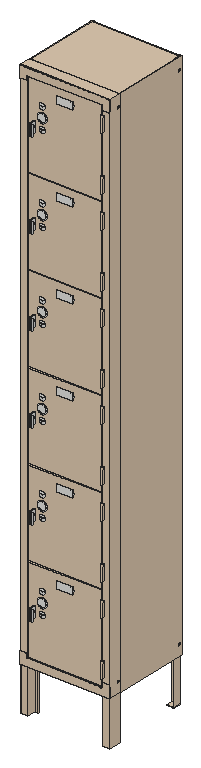
Revit family "Metal_Vented_Lockers-Salsbury_Industries-75000_76000_Series-1_Wide_Units", category Specialty Equipment, Revit 2016 (continued)
Definition of nested family "Metal Locker Zee Base-Right Side"
  Dimensions and locks (in)
    "Height": plane 5 "Top of Enclosure" to plane 4 "Floor"
    equal spacing: plane 8 "Left Edge of Enclosure", plane 1 "Center (Front/Back)", plane 9 "Right Edge of Enclosure"
    "Depth": plane 8 "Left Edge of Enclosure" to plane 9 "Right Edge of Enclosure"
    "Width": plane 11 "Left Edge of Base" to plane 7 "Right Side of Unit"
    equal spacing: plane 11 "Left Edge of Base", plane 3 "Center (Left/Right)", plane 7 "Right Side of Unit"
    locked: plane 4 "Floor" to plane 10 "Bottom Edge of Enclosure" at 0.06
    aligned and locked: level to plane 2
    aligned and locked: plane 6 "Left Edge of Insert" to Extrusion 1
    aligned and locked: Extrusion 2 to plane 9 "Right Edge of Enclosure"
    aligned and locked: Extrusion 2 to plane 10 "Bottom Edge of Enclosure"
    aligned and locked: plane 11 "Left Edge of Base" to Extrusion 2
  Automatic sketch dimensions
    plane 5 "Top of Enclosure" to Extrusion 1 sketch curve = 0.000"
    Extrusion 1 sketch curve to Extrusion 1 sketch curve = 0.060"
    plane 9 "Right Edge of Enclosure" to Extrusion 1 sketch curve = 1.250"
    Extrusion 1 sketch curve to plane 8 "Left Edge of Enclosure" = 1.24133"
    Extrusion 2 sketch curve to plane 7 "Right Side of Unit" = 0.000"
    plane 9 "Right Edge of Enclosure" to Extrusion 2 sketch curve = 0.000"
    plane 6 "Left Edge of Insert" to Extrusion 2 sketch curve = 2.780"  (x2)
    Extrusion 2 sketch curve to Extrusion 2 sketch curve = 0.060"
    plane 7 "Right Side of Unit" to Extrusion 2 sketch curve = 0.060"
    Extrusion 2 sketch curve to plane 8 "Left Edge of Enclosure" = 0.060"
    Extrusion 2 sketch curve to plane 8 "Left Edge of Enclosure" = 0.000"
Definition of nested family "Metal Locker Zee Base-Left Side"
  Parameters (values of type "77572 Left - 12" D")
    Width including Rivet [instance] = 1.290"
    Visible = yes
    Primary Structure Material = none
    Depth = 10.362"
    Version = "1.0 (11/30/15)"
    Type Comments = "Zee Base Kit for Standard Metal Lockers - No Legs"
    Model = "77572"
    MasterFormat Title = ""
    MasterFormat Number = ""
    Manufacturer = "Salsbury Industries"
    Description = "4\" H x 6' L - for 12\" Deep Lockers (Includes 6 Foot Front Base, 2 End Bases, Corner Splicer and 4 Rear Legs)"
    Width = 4.000"
    Height = 4.000"
    Assembly Code = ""
  Types (4): name | Visible | Depth | Type Comments | Model | Description
    77572 Left - 12" D | yes | 10.362" | "Zee Base Kit for Standard Metal Lockers - No Legs" | "77572" | "4\" H x 6' L - for 12\" Deep Lockers (Includes 6 Foot Front Base, 2 End Bases, Corner Splicer and 4 Rear Legs)"
    77575 Left - 15" D | yes | 13.362" | "Zee Base Kit for Standard Metal Lockers - No Legs" | "77575" | "4\" H x 6' L - for 12\" Deep Lockers (Includes 6 Foot Front Base, 2 End Bases, Corner Splicer and 4 Rear Legs)"
    77578 Left- 18" D | yes | 16.362" | "Zee Base Kit for Standard Metal Lockers - No Legs" | "77578" | "4\" H x 6' L - for 12\" Deep Lockers (Includes 6 Foot Front Base, 2 End Bases, Corner Splicer and 4 Rear Legs)"
    None | no | 10.362" | "End Base for Standard Metal Lockers" | "" | ""
  Reference planes (in)
    plane 1 "Center (Front/Back)": y = 0
    plane 2: z = 0
    plane 3 "Center (Left/Right)": x = 3.99
    plane 4 "Floor": z = 0
    plane 5 "Top of Enclosure": z = 4
    plane 6 "Right Side of Unit": x = 5.99
    plane 7 "Left Edge of Enclosure": y = -5.181
    plane 8 "Right Edge of Enclosure": y = 5.181
    plane 9 "Bottom Edge of Enclosure": z = 0.06
    plane 10 "Left Edge of Base": x = 1.99
    plane 11 "Right Edge of Inser": x = 3.21
  Forms (in)
    Extrusion 1, solid, material <- "Primary Structure Material", visible <- "Visible"
      sketch origin (7.98, 0, 0) x (0, -1, 0) y (1, 0, 0)
        loop
          line (-5.181, -1.99) -> (-5.181, -5.99) -> (5.181, -5.99) -> (5.181, -1.99) -> (5.121, -1.99) -> (5.121, -5.93) -> (-5.121, -5.93) -> (-5.121, -1.99) -> (-5.181, -1.99)
      from 0.06 to 4
    Extrusion 2, solid, material <- "Primary Structure Material", visible <- "Visible"
      sketch origin (1.99, 0, 0) x (0, 0, -1) y (0, 1, 0)
        loop
          line (-4, -3.93967) -> (-3.94, -3.93967) -> (-3.94, 3.931) -> (-4, 3.931) -> (-4, -3.93967)
      from 0.06 to 1.22
  Dimensions and locks (in)
    "Height": plane 5 "Top of Enclosure" to plane 4 "Floor"
    equal spacing: plane 7 "Left Edge of Enclosure", plane 1 "Center (Front/Back)", plane 8 "Right Edge of Enclosure"
    "Depth": plane 7 "Left Edge of Enclosure" to plane 8 "Right Edge of Enclosure"
    "Width": plane 10 "Left Edge of Base" to plane 6 "Right Side of Unit"
    equal spacing: plane 10 "Left Edge of Base", plane 3 "Center (Left/Right)", plane 6 "Right Side of Unit"
    locked: plane 4 "Floor" to plane 9 "Bottom Edge of Enclosure" at 0.06
    aligned and locked: level to plane 2
    aligned and locked: plane 10 "Left Edge of Base" to Extrusion 1
  Automatic sketch dimensions
    plane 8 "Right Edge of Enclosure" to Extrusion 1 sketch curve = 0.000"
    Extrusion 1 sketch curve to plane 6 "Right Side of Unit" = 0.000"  (x2)
    plane 7 "Left Edge of Enclosure" to Extrusion 1 sketch curve = 0.000"
    Extrusion 1 sketch curve to plane 10 "Left Edge of Base" = 0.000"
    Extrusion 1 sketch curve to Extrusion 1 sketch curve = 0.060"
    plane 7 "Left Edge of Enclosure" to Extrusion 1 sketch curve = 0.060"
    plane 10 "Left Edge of Base" to Extrusion 1 sketch curve = 0.060"
    plane 5 "Top of Enclosure" to Extrusion 2 sketch curve = 0.000"
    Extrusion 2 sketch curve to Extrusion 2 sketch curve = 0.060"
    Extrusion 2 sketch curve to plane 7 "Left Edge of Enclosure" = 1.24133"
    plane 8 "Right Edge of Enclosure" to Extrusion 2 sketch curve = 1.250"
Definition of nested family "Metal Locker Zee Base Corner"
  Parameters (values of type "77572, 77575, 77578")
    Width = 2.000"
    Visible = yes
    Version = "1.0 (11/30/15)"
    Type Comments = "Zee Base Kit for Standard Metal Lockers - No Legs"
    Primary Structure Material = none
    Model = "n/a"
    Manufacturer = "Salsbury Industries"
    Height = 3.940"
    Description = "4\" H x 6' L - for 12\" Deep Lockers (Includes 6 Foot Front Base, 2 End Bases, Corner Splicer and 4 Rear Legs)"
    Depth = 2.000"
  Types (2): name | Visible
    77572, 77575, 77578 | yes
    None | no
  Reference planes (in)
    plane 1 "Center (Front/Back)": y = 0
    plane 2 "Bottom of Component": z = 0
    plane 3 "Center (Left/Right)": x = 0
    plane 4: z = 3.94
    plane 5: x = -1
    plane 6: x = 1
    plane 7 "Front": y = -1
    plane 8 "Back": y = 1
  Forms (in)
    Extrusion 1, solid, material <- "Primary Structure Material", visible <- "Visible"
      sketch origin (0, 0, 0) x (1, 0, 0) y (0, 1, 0)
        loop
          line (-1, 1) -> (-1, 0.94) -> (0.94, 0.94) -> (0.94, -1) -> (1, -1) -> (1, 1) -> (-1, 1)
      from 0 to 3.94
  Dimensions and locks (in)
    "Height": plane 4 to plane 2 "Bottom of Component"
    equal spacing: plane 5, plane 3 "Center (Left/Right)", plane 6
    "Width": plane 5 to plane 6
    equal spacing: plane 7 "Front", plane 1 "Center (Front/Back)", plane 8 "Back"
    "Depth": plane 7 "Front" to plane 8 "Back"
    aligned and locked: plane 2 "Bottom of Component" to level
  Automatic sketch dimensions
    Extrusion 1 sketch curve to plane 5 = 0.000"
    plane 7 "Front" to Extrusion 1 sketch curve = 0.000"
    Extrusion 1 sketch curve to plane 6 = 0.000"
    plane 8 "Back" to Extrusion 1 sketch curve = 0.000"
    plane 6 to Extrusion 1 sketch curve = 0.060"
    Extrusion 1 sketch curve to Extrusion 1 sketch curve = 0.060"
Definition of nested family "Metal Locker End Panel"
  Parameters (values of type "77362 - for 6' H x 12" D Lockers")
    Width = 0.925"
    Visible = yes
    Version = "1.0 (11/30/15)"
    Type Comments = "Finished End Panel for Standard Metal Lockers"
    Primary Structure Material = none
    Model = "77362"
    MasterFormat Title = ""
    MasterFormat Number = ""
    Manufacturer = "Salsbury Industries"
    Height = 72.000"
    Description = "End Panel for 6' H x 12\" Deep Lockers"
    Depth = 12.010"
    Assembly Code = ""
  Types (7): name | Visible | Model | Height | Description | Depth
    77362 - for 6' H x 12" D Lockers | yes | "77362" | 72.000" | "End Panel for 6' H x 12\" Deep Lockers" | 12.010"
    77365 - for 6' H x 15" D Lockers | yes | "77365" | 72.000" | "End Panel for 6' H x 15\" Deep Lockers" | 15.010"
    77368 - for 6' H X 18" D Lockers | yes | "77368" | 72.000" | "End Panel for 6' H x 18\" Deep Lockers" | 18.010"
    77352 - for 5' H x 12" D Lockers | yes | "77352" | 60.000" | "End Panel for 5' H x 12\" Deep Lockers" | 12.010"
    77355 - for 5' H x 15" D Lockers | yes | "77355" | 60.000" | "End Panel for 5' H x 15\" Deep Lockers" | 15.010"
    77358 - for 5' H x 18" D Lockers | yes | "77358" | 60.000" | "End Panel for 5' H x 18\" Deep Lockers" | 18.010"
    None | no | "n/a" | 72.000" | "" | 12.010"
  Reference planes (in)
    plane 1 "Center (Front/Back)": y = -2.167
    plane 2: z = 0
    plane 3 "Center (Left/Right)": x = -4.595
    plane 4 "Bottom of Panel": z = 0
    plane 5 "Top of Panel": z = 72
    plane 6 "Front of Panel": y = -8.172
    plane 7 "Right Side of Enclosure": x = -4.1325
    plane 8 "Left Side of Enclosure": x = -5.0575
    plane 9 "Back of Panel": y = 3.838
    plane 10: z = 36
    plane 11: z = 70.283
    plane 12: z = 1.717
    plane 13 "Outside Edge of Front Flap": y = -8.23214
    plane 14 "Outside Edge of Back Flap": y = 3.898
  Forms (in)
    Extrusion 1, solid, material <- "Primary Structure Material", visible <- "Visible"
      sketch origin (-4.1325, 0.48244, 0) x (0, 0, -1) y (0, -1, 0)
        loop
          line (-72, 8.71458) -> (-72, -3.41556) -> (0, -3.41556) -> (0, 8.71458) -> (-72, 8.71458)
      from 0 to -0.06
    Extrusion 2, solid, material <- "Primary Structure Material", visible <- "Visible"
      sketch origin (0, 3.838, 0) x (0, 0, -1) y (1, 0, 0)
        loop
          line (-72, -5.0575) -> (0, -5.0575) -> (0, -4.1325) -> (-72, -4.1325) -> (-72, -5.0575)
      from 0 to -0.06
    Extrusion 3, solid, material <- "Primary Structure Material", visible <- "Visible"
      sketch origin (0, -8.172, 0) x (1, 0, 0) y (0, 0, 1)
        loop
          line (-5.0575, 70.283) -> (-5.0575, 1.717) -> (-4.1325, 1.717) -> (-4.1325, 70.283) -> (-5.0575, 70.283)
      from 0.06014 to 0
  Dimensions and locks (in)
    equal spacing: plane 6 "Front of Panel", plane 1 "Center (Front/Back)", plane 9 "Back of Panel"
    "Depth": plane 6 "Front of Panel" to plane 9 "Back of Panel"
    equal spacing: plane 8 "Left Side of Enclosure", plane 3 "Center (Left/Right)", plane 7 "Right Side of Enclosure"
    "Width": plane 8 "Left Side of Enclosure" to plane 7 "Right Side of Enclosure"
    equal spacing: plane 5 "Top of Panel", plane 10, plane 2
    "Height": plane 5 "Top of Panel" to plane 2
    locked: plane 5 "Top of Panel" to plane 11 at 1.717
    locked: plane 13 "Outside Edge of Front Flap" to plane 6 "Front of Panel" at 0.06014
    locked: plane 9 "Back of Panel" to plane 14 "Outside Edge of Back Flap" at 0.06
    aligned and locked: level to plane 2
    aligned and locked: plane 5 "Top of Panel" to Extrusion 1 sketch curve
    aligned and locked: plane 5 "Top of Panel" to Extrusion 2 sketch curve
    aligned and locked: Extrusion 2 to plane 9 "Back of Panel"
    aligned and locked: plane 11 to Extrusion 3 sketch curve
    aligned and locked: plane 6 "Front of Panel" to Extrusion 3
    aligned and locked: plane 14 "Outside Edge of Back Flap" to Extrusion 2
    aligned and locked: Extrusion 1 to plane 14 "Outside Edge of Back Flap"
    aligned and locked: plane 13 "Outside Edge of Front Flap" to Extrusion 3
    aligned and locked: Extrusion 2 to plane 7 "Right Side of Enclosure"
    aligned and locked: Extrusion 3 to plane 7 "Right Side of Enclosure"
  Automatic sketch dimensions
    Extrusion 1 sketch curve to level = 0.000"
    Extrusion 2 sketch curve to level = 0.000"
    plane 8 "Left Side of Enclosure" to Extrusion 2 sketch curve = 0.000"
    plane 7 "Right Side of Enclosure" to Extrusion 2 sketch curve = 0.000"
    plane 8 "Left Side of Enclosure" to Extrusion 3 sketch curve = 0.000"
    Extrusion 3 sketch curve to plane 12 = 0.000"
    plane 7 "Right Side of Enclosure" to Extrusion 3 sketch curve = 0.000"
    Extrusion 1 sketch curve to plane 14 "Outside Edge of Back Flap" = 0.000"
    plane 6 "Front of Panel" to Extrusion 1 sketch curve = 0.06014"
Definition of nested family "Metal Locker Front Filler"
  Parameters (values of type "77869 - for 6' H Lockers (Zee Base or No Legs)")
    Width = 9.000"
    Visible = yes
    Version = "1.0 (11/30/15)"
    Type Comments = "Vertical Front Filler for Standard Metal Lockers"
    Primary Structure Material = none
    Model = "77865"
    MasterFormat Title = ""
    MasterFormat Number = ""
    Manufacturer = "Salsbury Industries"
    Height = 72.000"
    Description = "9\" W Vertical Front Filler for 6' H Lockers"
    Depth = 1.500"
    Assembly Code = ""
  Types (9): name | Width | Visible | Model | Height | Description | Depth
    77865 - for 6' H Lockers with Legs | 15.000" | yes | "77865" | 78.000" | "15\" W Vertical Front Filler for 6' H Lockers" | 1.000"
    77869 - for 6' H Lockers with Legs | 9.000" | yes | "77865" | 78.000" | "9\" W Vertical Front Filler for 6' H Lockers" | 1.000"
    77855 - for 5' H Lockers with Legs | 15.000" | yes | "77855" | 66.000" | "15\" W Vertical Front Filler for 5' H Lockers" | 1.000"
    77859 - for 5' H Lockers with Legs | 9.000" | yes | "77859" | 66.000" | "9\" W Vertical Front Filler for 5' H Lockers" | 1.000"
    None | 15.000" | no | "n/a" | 78.000" | "" | 1.500"
    77865 - for 6' H Lockers (Zee Base or No Legs) | 15.000" | yes | "77865" | 72.000" | "15\" W Vertical Front Filler for 6' H Lockers" | 1.000"
    77869 - for 6' H Lockers (Zee Base or No Legs) | 9.000" | yes | "77865" | 72.000" | "9\" W Vertical Front Filler for 6' H Lockers" | 1.500"
    77859 - for 5' H Lockers (Zee Base or No Legs) | 9.000" | yes | "77859" | 60.000" | "9\" W Vertical Front Filler for 5' H Lockers" | 1.000"
    77855 - for 5' H Lockers (Zee Base or No Legs) | 15.000" | yes | "77855" | 60.000" | "15\" W Vertical Front Filler for 5' H Lockers" | 1.000"
  Reference planes (in)
    plane 1 "Center (Front/Back)": y = -2.167
    plane 2: z = 0
    plane 3 "Center (Left/Right)": x = -4.595
    plane 4 "Bottom of Filler": z = 0
    plane 5 "Top of Panel": z = 72
    plane 6 "Front of Filler": y = -2.917
    plane 7 "Right Side of Filler": x = -0.095
    plane 8 "Left Side of Filler": x = -9.095
    plane 9 "Back of Filler": y = -1.417
    plane 10: z = 36
  Forms (in)
    Extrusion 1, solid, material <- "Primary Structure Material", visible <- "Visible"
      sketch origin (0, 0, 0) x (0, -1, 0) y (1, 0, 0)
        loop
          line (1.417, -9.095) -> (2.917, -9.095) -> (2.917, -1.095) -> (2.869, -1.095) -> (2.869, -9.047) -> (1.417, -9.047) -> (1.417, -9.095)
      from 0 to 72
    Extrusion 2, solid, material <- "Primary Structure Material", visible <- "Visible"
      sketch origin (0, -0.20425, 0) x (0, -1, 0) y (1, 0, 0)
        loop
          line (1.30875, -0.095) -> (1.30875, -0.143) -> (2.76075, -0.143) -> (2.76075, -1.595) -> (2.80875, -1.595) -> (2.80875, -0.095) -> (1.30875, -0.095)
      from 0 to 72
    Extrusion 3, solid, material <- "Primary Structure Material", visible <- "Visible"
      sketch origin (0, 0.10825, 0) x (0, -1, 0) y (1, 0, 0)
        loop
          line (3.07325, -1.595) -> (3.07325, -0.82524) -> (3.02525, -0.82524) -> (3.02525, -1.376) -> (3.02525, -1.449) -> (3.02525, -1.522) -> (3.02525, -1.595) -> (3.07325, -1.595)
      from 0 to 72
    Extrusion 4, solid, material <- "Primary Structure Material", visible <- "Visible"
      sketch origin (0, 0, 0) x (0, -1, 0) y (1, 0, 0)
        loop
          line (2.917, -0.82524) -> (2.821, -0.82524) -> (2.821, -1.80024) -> (2.869, -1.80024) -> (2.869, -0.87324) -> (2.917, -0.87324) -> (2.917, -0.82524)
      from 0 to 72
  Dimensions and locks (in)
    equal spacing: plane 6 "Front of Filler", plane 1 "Center (Front/Back)", plane 9 "Back of Filler"
    "Depth": plane 6 "Front of Filler" to plane 9 "Back of Filler"
    equal spacing: plane 8 "Left Side of Filler", plane 3 "Center (Left/Right)", plane 7 "Right Side of Filler"
    "Width": plane 8 "Left Side of Filler" to plane 7 "Right Side of Filler"
    equal spacing: plane 5 "Top of Panel", plane 10, plane 2
    "Height": plane 5 "Top of Panel" to plane 2
    aligned and locked: level to plane 2
    aligned and locked: Extrusion 1 to plane 5 "Top of Panel"
    aligned and locked: Extrusion 2 to plane 5 "Top of Panel"
    aligned and locked: Extrusion 3 to plane 5 "Top of Panel"
    aligned and locked: Extrusion 4 to plane 5 "Top of Panel"
  Automatic sketch dimensions
    plane 9 "Back of Filler" to Extrusion 1 sketch curve = 0.000"
    plane 6 "Front of Filler" to Extrusion 1 sketch curve = 0.000"
    Extrusion 1 sketch curve to plane 8 "Left Side of Filler" = 0.000"
    Extrusion 1 sketch curve to plane 6 "Front of Filler" = 0.048"
    Extrusion 1 sketch curve to Extrusion 1 sketch curve = 0.048"
    plane 7 "Right Side of Filler" to Extrusion 1 sketch curve = 1.000"
    Extrusion 2 sketch curve to plane 7 "Right Side of Filler" = 0.000"
    plane 7 "Right Side of Filler" to Extrusion 2 sketch curve = 0.048"
    plane 9 "Back of Filler" to Extrusion 2 sketch curve = 0.096"
    plane 6 "Front of Filler" to Extrusion 2 sketch curve = 0.048"
    Extrusion 2 sketch curve to Extrusion 2 sketch curve = 0.048"
    Extrusion 2 sketch curve to Extrusion 2 sketch curve = 1.452"
    plane 6 "Front of Filler" to Extrusion 3 sketch curve = 0.000"
    plane 7 "Right Side of Filler" to Extrusion 3 sketch curve = 1.500"
    Extrusion 3 sketch curve to Extrusion 3 sketch curve = 0.073"  (x3)
    Extrusion 3 sketch curve to Extrusion 3 sketch curve = 0.55076"
    Extrusion 3 sketch curve to Extrusion 3 sketch curve = 0.048"
    plane 6 "Front of Filler" to Extrusion 4 sketch curve = 0.000"
    Extrusion 4 sketch curve to plane 6 "Front of Filler" = 0.048"
    Extrusion 4 sketch curve to Extrusion 4 sketch curve = 0.048"  (x2)
    plane 7 "Right Side of Filler" to Extrusion 4 sketch curve = 1.70524"
    plane 7 "Right Side of Filler" to Extrusion 4 sketch curve = 0.77824"
Definition of nested family "Metal Locker Flat Top Filler"
  Parameters (values of type "77842 - for 12" Deep Lockers (15" W)")
    Width = 16.250"
    Visible = yes
    Version = "1.0 (11/30/15)"
    Type Comments = "Flat Top Filler for Standard Metal Lockers"
    Primary Structure Material = none
    Model = "77842"
    MasterFormat Title = ""
    MasterFormat Number = ""
    Manufacturer = "Salsbury Industries"
    Height = 1.003"
    Description = "15\"W Flat Top In-Line Filler"
    Depth = 12.118"
    Assembly Code = ""
  Types (7): name | Width | Visible | Model | Depth
    77842 - for 12" Deep Lockers (15" W) | 16.250" | yes | "77842" | 12.118"
    77842 - for 12" Deep Lockers (9" W) | 10.250" | yes | "77842" | 12.118"
    77845 - for 15" Deep Lockers (15" W) | 16.250" | yes | "77845" | 15.118"
    77845 - for 15" Deep Lockers (9" W) | 10.250" | yes | "77845" | 15.118"
    77848 - for 18" Deep Lockers (15" W) | 16.250" | yes | "77848" | 18.118"
    77848 - for 18" Deep Lockers (9" W) | 10.250" | yes | "77848" | 18.118"
    None | 16.250" | no | "" | 12.118"
  Reference planes (in)
    plane 1 "Center (Front/Back)": y = -2.167
    plane 2: z = 0
    plane 3 "Center (Left/Right)": x = -4.595
    plane 4 "Bottom of Panel": z = 0
    plane 5 "Top of Panel": z = 1.003
    plane 6 "Front of Panel": y = -8.226
    plane 7 "Right Side of Enclosure": x = 3.53
    plane 8 "Left Side of Enclosure": x = -12.72
    plane 9 "Back of Panel": y = 3.892
    plane 10: z = 0.5015
  Forms (in)
    Extrusion 1, solid, material <- "Primary Structure Material", visible <- "Visible"
      sketch origin (-4.595, 0, 0) x (0, 1, 0) y (0, 0, 1)
        loop
          line (-8.226, 0) -> (-8.178, 0) -> (-8.178, 0.955) -> (3.892, 0.955) -> (3.892, 1.003) -> (-8.226, 1.003) -> (-8.226, 0)
      from -8.125 to 8.125
  Dimensions and locks (in)
    equal spacing: plane 6 "Front of Panel", plane 1 "Center (Front/Back)", plane 9 "Back of Panel"
    "Depth": plane 6 "Front of Panel" to plane 9 "Back of Panel"
    equal spacing: plane 8 "Left Side of Enclosure", plane 3 "Center (Left/Right)", plane 7 "Right Side of Enclosure"
    "Width": plane 8 "Left Side of Enclosure" to plane 7 "Right Side of Enclosure"
    equal spacing: plane 5 "Top of Panel", plane 10, plane 2
    "Height": plane 5 "Top of Panel" to plane 2
    aligned and locked: level to plane 2
    aligned and locked: Extrusion 1 to plane 7 "Right Side of Enclosure"
    aligned and locked: plane 8 "Left Side of Enclosure" to Extrusion 1
    aligned and locked: plane 6 "Front of Panel" to Extrusion 1
    aligned and locked: Extrusion 1 to plane 9 "Back of Panel"
  Automatic sketch dimensions
    plane 5 "Top of Panel" to Extrusion 1 sketch curve = 0.000"
    Extrusion 1 sketch curve to plane 6 "Front of Panel" = 0.000"
    Extrusion 1 sketch curve to level = 0.000"
    Extrusion 1 sketch curve to plane 9 "Back of Panel" = 0.000"
    Extrusion 1 sketch curve to plane 6 "Front of Panel" = 0.048"
    plane 5 "Top of Panel" to Extrusion 1 sketch curve = 0.048"
Definition of nested family "Metal Locker Flat Corner Filler"
  Parameters (values of type "77832 - for 12" Deep Lockers")
    Width = 12.625"
    Visible = yes
    Version = "1.0 (11/30/15)"
    Type Comments = "Flat Top Corner Filler for Standard Metal Lockers"
    Primary Structure Material = none
    Model = "77832"
    MasterFormat Title = ""
    MasterFormat Number = ""
    Manufacturer = "Salsbury Industries"
    Height = 0.048"
    Description = "12\"W Flat Top Corner Filler"
    Depth = 12.625"
    Assembly Code = ""
  Types (4): name | Width | Visible | Model | Description | Depth
    77832 - for 12" Deep Lockers | 12.625" | yes | "77832" | "12\"W Flat Top Corner Filler" | 12.625"
    77835 - for 15" Deep Lockers | 15.625" | yes | "77835" | "15\"W Flat Top Corner Filler" | 15.625"
    77838 - for 18" Deep Lockers | 18.625" | yes | "77838" | "18\"W Flat Top Corner Filler" | 18.625"
    None | 12.625" | no | "" | "" | 12.625"
  Reference planes (in)
    plane 1 "Center (Front/Back)": y = -2.167
    plane 2: z = 0
    plane 3 "Center (Left/Right)": x = -4.595
    plane 4 "Bottom of Panel": z = 0
    plane 5 "Top of Panel": z = 0.048
    plane 6 "Front of Panel": y = -8.4795
    plane 7 "Right Side of Enclosure": x = 1.7175
    plane 8 "Left Side of Enclosure": x = -10.9075
    plane 9 "Back of Panel": y = 4.1455
    plane 10: z = 0.024
  Forms (in)
    Extrusion 1, solid, material <- "Primary Structure Material", visible <- "Visible"
      sketch origin (0, 0, 0) x (0, -1, 0) y (1, 0, 0)
        loop
          line (7.8545, -10.9075) -> (7.8545, -10.2825) -> (8.4795, -10.2825) -> (8.4795, 1.7175) -> (-4.1455, 1.7175) -> (-4.1455, -10.9075) -> (7.8545, -10.9075)
      from 0 to 0.048
  Dimensions and locks (in)
    equal spacing: plane 6 "Front of Panel", plane 1 "Center (Front/Back)", plane 9 "Back of Panel"
    "Depth": plane 6 "Front of Panel" to plane 9 "Back of Panel"
    equal spacing: plane 8 "Left Side of Enclosure", plane 3 "Center (Left/Right)", plane 7 "Right Side of Enclosure"
    "Width": plane 8 "Left Side of Enclosure" to plane 7 "Right Side of Enclosure"
    equal spacing: plane 5 "Top of Panel", plane 10, plane 2
    "Height": plane 5 "Top of Panel" to plane 2
    aligned and locked: level to plane 2
    aligned and locked: Extrusion 1 to plane 9 "Back of Panel"
    aligned and locked: plane 6 "Front of Panel" to Extrusion 1
    aligned and locked: Extrusion 1 to plane 7 "Right Side of Enclosure"
    aligned and locked: plane 8 "Left Side of Enclosure" to Extrusion 1
  Automatic sketch dimensions
    Extrusion 1 sketch curve to plane 8 "Left Side of Enclosure" = 0.000"
    plane 9 "Back of Panel" to Extrusion 1 sketch curve = 0.000"
    plane 6 "Front of Panel" to Extrusion 1 sketch curve = 0.000"
    Extrusion 1 sketch curve to plane 7 "Right Side of Enclosure" = 0.000"
    Extrusion 1 sketch curve to plane 8 "Left Side of Enclosure" = 0.625"
    Extrusion 1 sketch curve to plane 6 "Front of Panel" = 0.625"
Definition of nested family "Metal Locker Sloping Hood"
  Parameters (values of type "77752 - for 12" Deep Lockers (1 Wide)")
    Width = 12.040"
    Visible = yes
    Version = "1.0 (11/30/15)"
    Type Comments = "Sloping Hood for Standard Metal Lockers"
    Slope Angle = 28.761°
    Primary Structure Material = none
    Model = "77752"
    MasterFormat Title = ""
    MasterFormat Number = ""
    Manufacturer = "Salsbury Industries"
    Height = 6.625"
    Dividing Lines = no
    Description = "12\" Deep for up to (3) 12\" Wide Lockers"
    Depth = 12.070"
    Assembly Code = ""
  Types (12): name | Width | Visible | Slope Angle | Model | Height | Dividing Lines | Description | Depth
    77752 - for 12" Deep Lockers (1 Wide) | 12.040" | yes | 28.761° | "77752" | 6.625" | no | "12\" Deep for up to (3) 12\" Wide Lockers" | 12.070"
    77752 - for 12" Deep Lockers (3 Wide) | 36.040" | yes | 28.761° | "77752" | 6.625" | yes | "12\" Deep for up to (3) 12\" Wide Lockers" | 12.070"
    77755 - for 15" Deep Lockers (1 Wide) | 12.040" | yes | 29.946° | "77755" | 8.682" | no | "15\" Deep for up to (3) 12\" Wide Lockers" | 15.070"
    77755 - for 15" Deep Lockers (3 Wide) | 36.040" | yes | 29.946° | "77755" | 8.628" | yes | "15\" Deep for up to (3) 12\" Wide Lockers" | 15.070"
    77758 - for 18" Deep Lockers (1 Wide) | 12.040" | yes | 30.723° | "77758" | 10.739" | no | "18\" Deep for up to (3) 12\" Wide Lockers" | 18.070"
    77758 - for 18" Deep Lockers (3 Wide) | 36.040" | yes | 30.723° | "77758" | 10.739" | yes | "18\" Deep for up to (3) 12\" Wide Lockers" | 18.070"
    None | 12.000" | no | 28.761° | "" | 6.625" | no | "" | 12.070"
    77765 - for 15" Deep Lockers (1 Wide) | 15.040" | yes | 29.946° | "77752" | 6.625" | no | "12\" Deep for up to (3) 12\" Wide Lockers" | 15.070"
    77768 - for 18" Deep Lockers (1 Wide) | 15.040" | yes | 30.723° | "77752" | 6.625" | no | "12\" Deep for up to (3) 12\" Wide Lockers" | 18.070"
    77765 - for 15" Deep Lockers (3 Wide) | 45.040" | yes | 29.946° | "77752" | 6.625" | yes | "12\" Deep for up to (3) 12\" Wide Lockers" | 15.070"
    77768 - for 18" Deep Lockers (3 Wide) | 45.040" | yes | 30.723° | "77752" | 6.625" | yes | "12\" Deep for up to (3) 12\" Wide Lockers" | 18.070"
    77759 - for 18" Deep Bridge Lockers | 72.040" | yes | 30.723° | "77752" | 6.625" | no | "12\" Deep for up to (3) 12\" Wide Lockers" | 18.070"
  Reference planes (in)
    plane 1 "Center (Front/Back)": y = -2.167
    plane 2: z = 0
    plane 3 "Center (Left/Right)": x = -4.595
    plane 4 "Bottom of Panel": z = 0
    plane 5 "Top of Panel": z = 6.625
    plane 6 "Front of Panel": y = -8.202
    plane 7 "Right Side of Enclosure": x = 1.425
    plane 8 "Left Side of Enclosure": x = -10.615
    plane 9 "Back of Panel": y = 3.868
    plane 10: z = 3.3125
    plane 11: through (0, -7.81601, 0.21186) normal (0, -0.4812, 0.8766)
    plane 12: through (0, -7.94397, 0.10626) normal (0, -0.4812, 0.8766)
    plane 13: y = 3.837
    plane 14: y = 3.806
    plane 15: y = 3.775
    plane 16: y = 3.37433
    plane 17 "Divider 1": x = -6.60167
    plane 18 "Divider 2": x = -2.58833
  Forms (in)
    Extrusion 1, solid, material <- "Primary Structure Material", visible <- "Visible"
      sketch origin (1.425, 0, 0) x (0, 0, -1) y (0, -1, 0)
        loop
          line (-6.62484, -3.868) -> (0, -3.868) -> (0, 8.202) -> (-6.62484, -3.868)
      from 0 to 0.031
    Extrusion 2, solid, material <- "Primary Structure Material", visible <- "Visible"
      sketch origin (1.425, 0, 0) x (0, 0, -1) y (0, -1, 0)
        loop
          line (0, -3.868) -> (0, -3.837) -> (-6.60783, -3.837) -> (-6.62484, -3.868) -> (0, -3.868)
      from 0.03098 to 0.40598
    Extrusion 3, solid, material <- "Primary Structure Material", visible <- "Visible"
      sketch origin (1.425, 0, 0) x (0, 0, -1) y (0, -1, 0)
        loop
          line (0, -3.837) -> (0, 8.13757) -> (-0.031, 8.08109) -> (-0.031, -3.837) -> (0, -3.837)
      from 0.031 to 0.80198
    Extrusion 4, solid, material <- "Primary Structure Material", visible <- "Visible"
      sketch origin (-10.615, 0, 0) x (0, 0, -1) y (0, -1, 0)
        loop
          line (-6.62484, -3.868) -> (0, -3.868) -> (0, 8.202) -> (-6.62484, -3.868)
      from 0 to -0.031
    Extrusion 5, solid, material <- "Primary Structure Material", visible <- "Visible"
      sketch origin (-10.615, 0, 0) x (0, 0, -1) y (0, -1, 0)
        loop
          line (0, -3.868) -> (0, -3.837) -> (-6.60783, -3.837) -> (-6.62484, -3.868) -> (0, -3.868)
      from -0.031 to -0.406
    Extrusion 6, solid, material <- "Primary Structure Material", visible <- "Visible"
      sketch origin (-10.615, 0, 0) x (0, 0, -1) y (0, -1, 0)
        loop
          line (0, -3.837) -> (0, 8.13757) -> (-0.031, 8.08109) -> (-0.031, -3.837) -> (0, -3.837)
      from -0.031 to -0.802
    Extrusion 7, solid, material <- "Primary Structure Material", visible <- "Visible"
      sketch origin (-4.595, 0, 0) x (0, 1, 0) y (0, 0, 1)
        loop
          line (3.837, 6.60783) -> (-8.202, 0) -> (-7.84238, 0) -> (-7.84238, 0.031) -> (-8.08109, 0.031) -> (3.806, 6.55545) -> (3.806, 6.21809) -> (3.837, 6.21809) -> (3.837, 6.60783)
      from -5.989 to 5.989
    Extrusion 8, solid, material <- "Primary Structure Material", visible <- "Visible"
      sketch origin (-4.595, -0.031, 0) x (0, 1, 0) y (0, 0, 1)
        loop
          line (3.837, 0.031) -> (3.837, 6.55545) -> (3.806, 6.53844) -> (3.806, 0.031) -> (3.837, 0.031)
      from -5.989 to 5.989
    Extrusion 9, solid, material <- "Primary Structure Material", visible <- "Visible"
      sketch origin (0, -0.031, 0) x (0, -1, 0) y (1, 0, 0)
        loop
          line (-3.806, -9.75653) -> (-3.40533, -9.75653) -> (-3.40533, 0.56919) -> (-3.806, 0.56919) -> (-3.806, -9.75653)
      from 0.031 to 0.06464
  Lines and regions (in)
    model lines, visible <- "Dividing Lines"
      curve 1: line (-6.60167, -8.21456, -0.0069) -> (-6.60167, 3.868, 6.62484)
      curve 2: line (-2.58833, -8.21456, -0.0069) -> (-2.58833, 3.868, 6.62484)
  Dimensions and locks (in)
    equal spacing: plane 6 "Front of Panel", plane 1 "Center (Front/Back)", plane 9 "Back of Panel"
    "Depth": plane 6 "Front of Panel" to plane 9 "Back of Panel"
    equal spacing: plane 8 "Left Side of Enclosure", plane 17 "Divider 1", plane 18 "Divider 2", plane 7 "Right Side of Enclosure"
    "Width": plane 8 "Left Side of Enclosure" to plane 7 "Right Side of Enclosure"
    equal spacing: plane 5 "Top of Panel", plane 10, plane 2
    "Height": plane 5 "Top of Panel" to plane 2
    locked: plane 11 to plane 12 at 0.031
    plane 16 to plane 15 to plane 14 to plane 13 to plane 9 "Back of Panel" = 0.40067", 0.031", 0.031", 0.031"
    equal spacing: plane 8 "Left Side of Enclosure", plane 3 "Center (Left/Right)", plane 7 "Right Side of Enclosure"
    "Slope Angle": angle plane 4 "Bottom of Panel" to plane 11
    aligned and locked: level to plane 2
    aligned and locked: Extrusion 1 to plane 9 "Back of Panel"
    aligned and locked: plane 4 "Bottom of Panel" to Extrusion 1
    aligned and locked: Extrusion 7 to Extrusion 1
    aligned and locked: Extrusion 7 to Extrusion 4
    aligned and locked: Extrusion 7 to Extrusion 8  (x2)
    aligned and locked: plane 11 to Extrusion 7 sketch curve
    aligned and locked: plane 12 to Extrusion 7 sketch curve
    aligned and locked: plane 12 to Extrusion 8 sketch curve
    aligned and locked: Extrusion 4 sketch curve to plane 11
    aligned and locked: Extrusion 1 sketch curve to plane 11
    aligned and locked: Extrusion 3 sketch curve to plane 12
    aligned and locked: Extrusion 6 sketch curve to plane 12
    aligned and locked: plane 13 to Extrusion 7
    aligned and locked: plane 14 to Extrusion 8
    aligned and locked: plane 15 to Extrusion 8
    aligned and locked: plane 16 to Extrusion 9
    aligned and locked: plane 13 to Extrusion 7 sketch curve
    aligned and locked: Extrusion 7 sketch curve to plane 14
    aligned and locked: plane 13 to Extrusion 2 sketch curve
    aligned and locked: plane 11 to Extrusion 2 sketch curve
    aligned and locked: plane 13 to Extrusion 5 sketch curve
    aligned and locked: plane 11 to Extrusion 5 sketch curve
    aligned and locked: curve 2 to plane 18 "Divider 2"
    aligned and locked: curve 1 to plane 17 "Divider 1"
  Automatic sketch dimensions
    Extrusion 7 sketch curve to level = 0.000"
    level to Extrusion 7 sketch curve = 0.031"
    Extrusion 7 sketch curve to Extrusion 7 sketch curve = 0.23871"
    Extrusion 7 sketch curve to Extrusion 7 sketch curve = 0.33736"
    Extrusion 1 sketch curve to plane 9 "Back of Panel" = 0.000"
    Extrusion 1 sketch curve to level = 0.000"
    Extrusion 2 sketch curve to plane 9 "Back of Panel" = 0.000"
    Extrusion 2 sketch curve to level = 0.000"
    Extrusion 3 sketch curve to plane 13 = 0.000"
    Extrusion 3 sketch curve to level = 0.000"
    level to Extrusion 3 sketch curve = 0.031"
    Extrusion 4 sketch curve to plane 9 "Back of Panel" = 0.000"
    Extrusion 4 sketch curve to level = 0.000"
    Extrusion 5 sketch curve to plane 9 "Back of Panel" = 0.000"
    Extrusion 5 sketch curve to level = 0.000"
    Extrusion 6 sketch curve to plane 13 = 0.000"
    Extrusion 6 sketch curve to level = 0.000"
    Extrusion 6 sketch curve to Extrusion 6 sketch curve = 0.031"
    Extrusion 8 sketch curve to plane 15 = 0.000"
    Extrusion 8 sketch curve to plane 14 = 0.000"
    level to Extrusion 8 sketch curve = 0.031"
    plane 15 to Extrusion 9 sketch curve = 0.000"
    plane 16 to Extrusion 9 sketch curve = 0.000"
    Extrusion 9 sketch curve to plane 8 "Left Side of Enclosure" = 0.85847"
    plane 7 "Right Side of Enclosure" to Extrusion 9 sketch curve = 0.85581"
    curve 1 to plane 9 "Back of Panel" = 0.000"
    plane 11 to curve 1 = 0.000"
    curve 1 to plane 11 = 0.000"
    curve 1 to level = 0.0069"
    curve 2 to plane 9 "Back of Panel" = 0.000"
    plane 11 to curve 2 = 0.000"
    curve 2 to plane 11 = 0.000"
    curve 2 to level = 0.0069"
Definition of nested family "Metal Locker Sloping Top Filler"
  Parameters (values of type "77882 - for 12" Deep Lockers (15" W)")
    Width = 16.250"
    Visible = yes
    Version = "1.0 (11/30/15)"
    Type Comments = "Sloping Hood In-Line Filler for Standard Metal Lockers"
    Slope Angle = 28.761°
    Primary Structure Material = none
    Model = "77882"
    MasterFormat Title = ""
    MasterFormat Number = ""
    Manufacturer = "Salsbury Industries"
    Height = 1.003"
    Description = "15\"W Sloping Hood In-Line Filler"
    Depth = 12.118"
    Assembly Code = ""
  Types (7): name | Width | Visible | Type Comments | Slope Angle | Model | Description | Depth
    77882 - for 12" Deep Lockers (15" W) | 16.250" | yes | "Sloping Hood In-Line Filler for Standard Metal Lockers" | 28.761° | "77882" | "15\"W Sloping Hood In-Line Filler" | 12.118"
    77882 - for 12" Deep Lockers (9" W) | 10.250" | yes | "Sloping Hood In-Line Filler for Standard Metal Lockers" | 28.761° | "77882" | "15\"W Sloping Hood In-Line Filler" | 12.118"
    77885 - for 15" Deep Lockers (15" W) | 16.250" | yes | "Sloping Hood In-Line Filler for Standard Metal Lockers" | 29.946° | "77885" | "15\"W Sloping Hood In-Line Filler" | 15.118"
    77885 - for 15" Deep Lockers (9" W) | 10.250" | yes | "Sloping Hood In-Line Filler for Standard Metal Lockers" | 29.946° | "77885" | "15\"W Sloping Hood In-Line Filler" | 15.118"
    77888 - for 18" Deep Lockers (15" W) | 16.250" | yes | "Sloping Hood In-Line Filler for Standard Metal Lockers" | 30.723° | "77888" | "15\"W Sloping Hood In-Line Filler" | 18.118"
    77888 - for 18" Deep Lockers (9" W) | 10.250" | yes | "Sloping Hood In-Line Filler for Standard Metal Lockers" | 30.723° | "77888" | "15\"W Sloping Hood In-Line Filler" | 18.118"
    None | 16.250" | no | "Sloping Hood for Standard Metal Lockers" | 28.761° | "" | "" | 12.118"
  Reference planes (in)
    plane 1 "Center (Front/Back)": y = -2.167
    plane 2: z = 0
    plane 3 "Center (Left/Right)": x = -4.595
    plane 4 "Bottom of Panel": z = 0
    plane 5 "Top of Panel": z = 1.003
    plane 6 "Front of Panel": y = -8.226
    plane 7 "Right Side of Enclosure": x = 3.53
    plane 8 "Left Side of Enclosure": x = -12.72
    plane 9 "Back of Panel": y = 3.892
    plane 10: z = 0.5015
    plane 11: through (0, -7.6072, 0.33964) normal (0, -0.4812, 0.8766)
    plane 12: through (0, -7.72698, 0.21914) normal (0, -0.4812, 0.8766)
  Forms (in)
    Extrusion 1, solid, material <- "Primary Structure Material", visible <- "Visible"
      sketch origin (-4.595, 0, 0) x (0, 1, 0) y (0, 0, 1)
        loop
          line (3.892, 6.65119) -> (-8.226, 0) -> (-8.226, -1.028) -> (-8.178, -1.028) -> (-8.178, -0.02841) -> (3.892, 6.59643) -> (3.892, 6.65119)
      from -8.125 to 8.125
  Dimensions and locks (in)
    equal spacing: plane 6 "Front of Panel", plane 1 "Center (Front/Back)", plane 9 "Back of Panel"
    "Depth": plane 6 "Front of Panel" to plane 9 "Back of Panel"
    equal spacing: plane 8 "Left Side of Enclosure", plane 3 "Center (Left/Right)", plane 7 "Right Side of Enclosure"
    "Width": plane 8 "Left Side of Enclosure" to plane 7 "Right Side of Enclosure"
    equal spacing: plane 5 "Top of Panel", plane 10, plane 2
    "Height": plane 5 "Top of Panel" to plane 2
    locked: plane 11 to plane 12 at 0.048
    "Slope Angle": angle plane 4 "Bottom of Panel" to plane 11
    aligned and locked: level to plane 2
    aligned and locked: plane 11 to Extrusion 1 sketch curve
    aligned and locked: plane 12 to Extrusion 1 sketch curve
    aligned and locked: Extrusion 1 to plane 7 "Right Side of Enclosure"
    aligned and locked: plane 8 "Left Side of Enclosure" to Extrusion 1
  Automatic sketch dimensions
    Extrusion 1 sketch curve to plane 6 "Front of Panel" = 0.000"
    Extrusion 1 sketch curve to Extrusion 1 sketch curve = 0.99959"
    Extrusion 1 sketch curve to level = 0.02841"
    Extrusion 1 sketch curve to plane 9 "Back of Panel" = 0.000"
Definition of nested family "Metal Locker Sloping Corner Filler"
  Parameters (values of type "77872 - for 12" Deep Lockers")
    Width = 12.695"
    Visible = yes
    Version = "1.0 (11/30/15)"
    Type Comments = "Sloping Hood Corner Filler for Standard Metal Lockers"
    Slope Angle 2 = 28.761°
    Slope Angle 1 = 28.761°
    Primary Structure Material = none
    Model = "77872"
    MasterFormat Title = ""
    MasterFormat Number = ""
    Manufacturer = "Salsbury Industries"
    Height = 6.87897"
    Description = "12\"D Sloping Hood Corner Filler"
    Depth = 12.695"
    Assembly Code = ""
  Types (4): name | Width | Visible | Slope Angle 2 | Slope Angle 1 | Model | Description | Depth
    77872 - for 12" Deep Lockers | 12.695" | yes | 28.761° | 28.761° | "77872" | "12\"D Sloping Hood Corner Filler" | 12.695"
    77875 - for 15" Deep Lockers | 15.695" | yes | 29.946° | 29.946° | "77875" | "15\"D Sloping Hood Corner Filler" | 15.695"
    77878 - for 18" Deep Lockers | 18.695" | yes | 30.723° | 30.723° | "77878" | "18\"D Sloping Hood Corner Filler" | 18.695"
    None | 12.695" | no | 28.723° | 28.723° | "" | "" | 12.695"
  Reference planes (in)
    plane 1 "Center (Front/Back)": y = -2.167
    plane 2: z = 0
    plane 3 "Center (Left/Right)": x = -4.595
    plane 4 "Bottom of Panel": z = 0
    plane 5 "Top of Panel": z = 6.87897
    plane 6 "Front of Panel": y = -8.5145
    plane 7 "Right Side of Enclosure": x = 1.7525
    plane 8 "Left Side of Enclosure": x = -10.9425
    plane 9 "Back of Panel": y = 4.1805
    plane 10 "Center Top/Bottom": z = 3.43948
    plane 11 "Slope 1": through (0, -7.42276, 0.59922) normal (0, -0.4812, 0.8766)
    plane 12: through (0, -7.54254, 0.47872) normal (0, -0.4812, 0.8766)
    plane 13 "Diagonal Plane": through (-10.86131, 4.09969, 48) normal (0.7071, 0.7071, 0)
    plane 14 "Cutout Plane 1": y = -7.8895
    plane 15 "Cutout Plane 2": x = 1.1275
    plane 16 "Slope 2": through (1.43902, -180, 0.17206) normal (-0.4812, 0, -0.8766)
    plane 17: through (5.04554, -180, -1.86199) normal (-0.4812, 0, -0.8766)
  Forms (in)
    Extrusion 1, solid, material <- "Primary Structure Material", visible <- "Visible"
      sketch origin (-4.595, 0, 0) x (0, 1, 0) y (0, 0, 1)
        loop
          line (-7.8895, 0.28829) -> (4.1805, 6.91313) -> (4.1805, 6.96789) -> (-7.8895, 0.34304) -> (-7.8895, 0.28829)
      from -6.3475 to 6.3475
    Extrusion 2, void
      sketch origin (0, 0, 3.43948) x (1, 0, 0) y (0, 1, 0)
        loop
          line (1.75288, -8.5145) -> (-10.9425, 4.18088) -> (-10.9425, -8.5145) -> (1.75288, -8.5145)
      from -3.43948 to 8.2673
    Extrusion 3, solid, material <- "Primary Structure Material", visible <- "Visible"
      sketch origin (0, -2.167, 0) x (1, 0, 0) y (0, 0, 1)
        loop
          line (1.1275, 0.2885) -> (1.1275, 0.34304) -> (-10.9425, 6.96789) -> (-10.9425, 6.91334) -> (1.1275, 0.2885)
      from -6.3475 to 6.3475
    Extrusion 4, void
      sketch origin (-4.595, 0, 0) x (0, 1, 0) y (0, 0, 1)
        loop
          line (4.1805, 0) -> (4.1805, 6.91313) -> (-8.41474, 0) -> (4.1805, 0)
      from -6.3475 to 6.3475
    Extrusion 5, solid, not visible
      sketch origin (1.1275, 0, 0) x (0, -1, 0) y (0, 0, 1)
        loop
          line (8.60982, 0.2885) -> (7.8895, 0.2885) -> (7.8895, 0) -> (8.60982, 0) -> (8.60982, 0.2885)
      from -0.72026 to 0
  Cuts and joins
    Extrusion 2, Extrusion 4 cuts Extrusion 1
    Extrusion 4 cuts Extrusion 3
  Dimensions and locks (in)
    equal spacing: plane 6 "Front of Panel", plane 1 "Center (Front/Back)", plane 9 "Back of Panel"
    "Depth": plane 6 "Front of Panel" to plane 9 "Back of Panel"
    equal spacing: plane 8 "Left Side of Enclosure", plane 3 "Center (Left/Right)", plane 7 "Right Side of Enclosure"
    "Width": plane 8 "Left Side of Enclosure" to plane 7 "Right Side of Enclosure"
    equal spacing: plane 5 "Top of Panel", plane 10 "Center Top/Bottom", plane 2
    "Height": plane 5 "Top of Panel" to plane 2
    locked: plane 11 "Slope 1" to plane 12 at 0.048
    locked: plane 15 "Cutout Plane 2" to plane 7 "Right Side of Enclosure" at 0.625
    locked: plane 6 "Front of Panel" to plane 14 "Cutout Plane 1" at 0.625
    locked: plane 17 to plane 16 "Slope 2" at 0.04782
    "Slope Angle 1": angle plane 4 "Bottom of Panel" to plane 11 "Slope 1"
    "Slope Angle 2": angle plane 16 "Slope 2" to plane 4 "Bottom of Panel"
    aligned and locked: level to plane 2
    aligned and locked: Extrusion 1 sketch curve to plane 14 "Cutout Plane 1"
    aligned and locked: plane 9 "Back of Panel" to Extrusion 1 sketch curve
    aligned and locked: Extrusion 1 sketch curve to plane 11 "Slope 1"
    aligned and locked: plane 12 to Extrusion 1 sketch curve
    aligned and locked: plane 8 "Left Side of Enclosure" to Extrusion 1
    aligned and locked: Extrusion 1 to plane 7 "Right Side of Enclosure"
    aligned and locked: plane 6 "Front of Panel" to Extrusion 2 sketch curve
    aligned and locked: plane 8 "Left Side of Enclosure" to Extrusion 2 sketch curve
    aligned and locked: plane 13 "Diagonal Plane" to Extrusion 2 sketch curve
    aligned and locked: plane 4 "Bottom of Panel" to cut or joined group of Extrusion 1, Extrusion 2, Extrusion 4
    aligned and locked: Extrusion 4 sketch curve to level
    aligned and locked: Extrusion 4 sketch curve to plane 9 "Back of Panel"
    aligned and locked: plane 12 to Extrusion 4 sketch curve
    aligned and locked: Extrusion 4 to plane 7 "Right Side of Enclosure"
    aligned and locked: plane 8 "Left Side of Enclosure" to Extrusion 4
    aligned and locked: cut or joined group of Extrusion 3, Extrusion 4 to plane 15 "Cutout Plane 2"
    aligned and locked: plane 6 "Front of Panel" to cut or joined group of Extrusion 3, Extrusion 4
    aligned and locked: cut or joined group of Extrusion 3, Extrusion 4 to plane 9 "Back of Panel"
    aligned and locked: Extrusion 3 sketch curve to plane 15 "Cutout Plane 2"
    aligned and locked: Extrusion 3 sketch curve to plane 16 "Slope 2"
    aligned and locked: plane 8 "Left Side of Enclosure" to Extrusion 3 sketch curve
    aligned and locked: plane 17 to Extrusion 3 sketch curve
  Automatic sketch dimensions
    Extrusion 5 sketch curve to plane 14 "Cutout Plane 1" = 0.000"
    Extrusion 5 sketch curve to level = 0.000"
    plane 6 "Front of Panel" to Extrusion 5 sketch curve = 0.09532"
    Extrusion 5 sketch curve to Extrusion 5 sketch curve = 0.2885"
Definition of nested family "Vents"
  Parameters (values of type "6 foot high vents")
    Vent Count for 6' high Lockers = 36
  Types (3): name | Vent Count for 6' high Lockers
    (no name) | 36
    6 foot high vents | 36
    5 foot high vents | 29
  Reference planes (in)
    plane 1 "Center (Front/Back)": y = 0
    plane 2: z = 0
    plane 3 "Center (Left/Right)": x = 0
  Lines and regions (in)
    model lines
      curve 1: spline (-0.12218, 0, 66.35929) -> (-0.10447, 0, 66.33016) -> (-0.08514, 0, 66.30573) -> (-0.06447, 0, 66.28637) -> (-0.04279, 0, 66.27239) -> (-0.02043, 0, 66.26399) -> (0.00227, 0, 66.26132) -> (0.02496, 0, 66.2644) -> (0.04728, 0, 66.27319) -> (0.0689, 0, 66.28755) -> (0.08949, 0, 66.30727) -> (0.10872, 0, 66.33205) -> (0.1263, 0, 66.36149)
      curve 2: line (-0.12218, 0, 66.35929) -> (-0.3738, 0, 67.01138)
      curve 3: line (0.1263, 0, 66.36149) -> (0.37669, 0, 67.01065)
      curve 4: spline (-0.12232, 0, 67.66311) -> (-0.1046, 0, 67.6924) -> (-0.08525, 0, 67.71698) -> (-0.06455, 0, 67.73644) -> (-0.04284, 0, 67.7505) -> (-0.02044, 0, 67.75894) -> (0.00229, 0, 67.76163) -> (0.02501, 0, 67.75853) -> (0.04737, 0, 67.74968) -> (0.06902, 0, 67.73522) -> (0.08963, 0, 67.71538) -> (0.10888, 0, 67.69045) -> (0.12647, 0, 67.66083)
      curve 5: line (-0.12232, 0, 67.66311) -> (-0.3738, 0, 67.01138)
      curve 6: line (0.12647, 0, 67.66083) -> (0.37669, 0, 67.01065)
      curve 7: spline (-0.12218, 0, 64.62229) -> (-0.10447, 0, 64.59316) -> (-0.08514, 0, 64.56873) -> (-0.06447, 0, 64.54937) -> (-0.04279, 0, 64.53539) -> (-0.02043, 0, 64.52699) -> (0.00227, 0, 64.52432) -> (0.02496, 0, 64.5274) -> (0.04728, 0, 64.53619) -> (0.0689, 0, 64.55055) -> (0.08949, 0, 64.57027) -> (0.10872, 0, 64.59505) -> (0.1263, 0, 64.62449)
      curve 8: line (-0.12218, 0, 64.62229) -> (-0.3738, 0, 65.27438)
      curve 9: line (0.1263, 0, 64.62449) -> (0.37669, 0, 65.27365)
      curve 10: spline (-0.12232, 0, 65.92611) -> (-0.1046, 0, 65.9554) -> (-0.08525, 0, 65.97998) -> (-0.06455, 0, 65.99944) -> (-0.04284, 0, 66.0135) -> (-0.02044, 0, 66.02194) -> (0.00229, 0, 66.02463) -> (0.02501, 0, 66.02153) -> (0.04737, 0, 66.01268) -> (0.06902, 0, 65.99822) -> (0.08963, 0, 65.97838) -> (0.10888, 0, 65.95345) -> (0.12647, 0, 65.92383)
      curve 11: line (-0.12232, 0, 65.92611) -> (-0.3738, 0, 65.27438)
      curve 12: line (0.12647, 0, 65.92383) -> (0.37669, 0, 65.27365)
      curve 13: spline (-0.12218, 0, 62.88529) -> (-0.10447, 0, 62.85616) -> (-0.08514, 0, 62.83173) -> (-0.06447, 0, 62.81237) -> (-0.04279, 0, 62.79839) -> (-0.02043, 0, 62.78999) -> (0.00227, 0, 62.78732) -> (0.02496, 0, 62.7904) -> (0.04728, 0, 62.79919) -> (0.0689, 0, 62.81355) -> (0.08949, 0, 62.83327) -> (0.10872, 0, 62.85805) -> (0.1263, 0, 62.88749)
      curve 14: line (-0.12218, 0, 62.88529) -> (-0.3738, 0, 63.53738)
      curve 15: line (0.1263, 0, 62.88749) -> (0.37669, 0, 63.53665)
      curve 16: spline (-0.12232, 0, 64.18911) -> (-0.1046, 0, 64.2184) -> (-0.08525, 0, 64.24298) -> (-0.06455, 0, 64.26244) -> (-0.04284, 0, 64.2765) -> (-0.02044, 0, 64.28494) -> (0.00229, 0, 64.28763) -> (0.02501, 0, 64.28453) -> (0.04737, 0, 64.27568) -> (0.06902, 0, 64.26122) -> (0.08963, 0, 64.24138) -> (0.10888, 0, 64.21645) -> (0.12647, 0, 64.18683)
      curve 17: line (-0.12232, 0, 64.18911) -> (-0.3738, 0, 63.53738)
      curve 18: line (0.12647, 0, 64.18683) -> (0.37669, 0, 63.53665)
      curve 19: spline (-0.12218, 0, 61.14829) -> (-0.10447, 0, 61.11916) -> (-0.08514, 0, 61.09473) -> (-0.06447, 0, 61.07537) -> (-0.04279, 0, 61.06139) -> (-0.02043, 0, 61.05299) -> (0.00227, 0, 61.05032) -> (0.02496, 0, 61.0534) -> (0.04728, 0, 61.06219) -> (0.0689, 0, 61.07655) -> (0.08949, 0, 61.09627) -> (0.10872, 0, 61.12105) -> (0.1263, 0, 61.15049)
      curve 20: line (-0.12218, 0, 61.14829) -> (-0.3738, 0, 61.80038)
      curve 21: line (0.1263, 0, 61.15049) -> (0.37669, 0, 61.79965)
      curve 22: spline (-0.12232, 0, 62.45211) -> (-0.1046, 0, 62.4814) -> (-0.08525, 0, 62.50598) -> (-0.06455, 0, 62.52544) -> (-0.04284, 0, 62.5395) -> (-0.02044, 0, 62.54794) -> (0.00229, 0, 62.55063) -> (0.02501, 0, 62.54753) -> (0.04737, 0, 62.53868) -> (0.06902, 0, 62.52422) -> (0.08963, 0, 62.50438) -> (0.10888, 0, 62.47945) -> (0.12647, 0, 62.44983)
      curve 23: line (-0.12232, 0, 62.45211) -> (-0.3738, 0, 61.80038)
      curve 24: line (0.12647, 0, 62.44983) -> (0.37669, 0, 61.79965)
      curve 25: spline (-0.12218, 0, 59.41129) -> (-0.10447, 0, 59.38216) -> (-0.08514, 0, 59.35773) -> (-0.06447, 0, 59.33837) -> (-0.04279, 0, 59.32439) -> (-0.02043, 0, 59.31599) -> (0.00227, 0, 59.31332) -> (0.02496, 0, 59.3164) -> (0.04728, 0, 59.32519) -> (0.0689, 0, 59.33955) -> (0.08949, 0, 59.35927) -> (0.10872, 0, 59.38405) -> (0.1263, 0, 59.41349)
      curve 26: line (-0.12218, 0, 59.41129) -> (-0.3738, 0, 60.06338)
      curve 27: line (0.1263, 0, 59.41349) -> (0.37669, 0, 60.06265)
      curve 28: spline (-0.12232, 0, 60.71511) -> (-0.1046, 0, 60.7444) -> (-0.08525, 0, 60.76898) -> (-0.06455, 0, 60.78844) -> (-0.04284, 0, 60.8025) -> (-0.02044, 0, 60.81094) -> (0.00229, 0, 60.81363) -> (0.02501, 0, 60.81053) -> (0.04737, 0, 60.80168) -> (0.06902, 0, 60.78722) -> (0.08963, 0, 60.76738) -> (0.10888, 0, 60.74245) -> (0.12647, 0, 60.71283)
      curve 29: line (-0.12232, 0, 60.71511) -> (-0.3738, 0, 60.06338)
      curve 30: line (0.12647, 0, 60.71283) -> (0.37669, 0, 60.06265)
      curve 31: spline (-0.12218, 0, 57.67429) -> (-0.10447, 0, 57.64516) -> (-0.08514, 0, 57.62073) -> (-0.06447, 0, 57.60137) -> (-0.04279, 0, 57.58739) -> (-0.02043, 0, 57.57899) -> (0.00227, 0, 57.57632) -> (0.02496, 0, 57.5794) -> (0.04728, 0, 57.58819) -> (0.0689, 0, 57.60255) -> (0.08949, 0, 57.62227) -> (0.10872, 0, 57.64705) -> (0.1263, 0, 57.67649)
      curve 32: line (-0.12218, 0, 57.67429) -> (-0.3738, 0, 58.32638)
      curve 33: line (0.1263, 0, 57.67649) -> (0.37669, 0, 58.32565)
      curve 34: spline (-0.12232, 0, 58.97811) -> (-0.1046, 0, 59.0074) -> (-0.08525, 0, 59.03198) -> (-0.06455, 0, 59.05144) -> (-0.04284, 0, 59.0655) -> (-0.02044, 0, 59.07394) -> (0.00229, 0, 59.07663) -> (0.02501, 0, 59.07353) -> (0.04737, 0, 59.06468) -> (0.06902, 0, 59.05022) -> (0.08963, 0, 59.03038) -> (0.10888, 0, 59.00545) -> (0.12647, 0, 58.97583)
      curve 35: line (-0.12232, 0, 58.97811) -> (-0.3738, 0, 58.32638)
      curve 36: line (0.12647, 0, 58.97583) -> (0.37669, 0, 58.32565)
      curve 37: spline (-0.12218, 0, 55.93729) -> (-0.10447, 0, 55.90816) -> (-0.08514, 0, 55.88373) -> (-0.06447, 0, 55.86437) -> (-0.04279, 0, 55.85039) -> (-0.02043, 0, 55.84199) -> (0.00227, 0, 55.83932) -> (0.02496, 0, 55.8424) -> (0.04728, 0, 55.85119) -> (0.0689, 0, 55.86555) -> (0.08949, 0, 55.88527) -> (0.10872, 0, 55.91005) -> (0.1263, 0, 55.93949)
      curve 38: line (-0.12218, 0, 55.93729) -> (-0.3738, 0, 56.58938)
      curve 39: line (0.1263, 0, 55.93949) -> (0.37669, 0, 56.58865)
      curve 40: spline (-0.12232, 0, 57.24111) -> (-0.1046, 0, 57.2704) -> (-0.08525, 0, 57.29498) -> (-0.06455, 0, 57.31444) -> (-0.04284, 0, 57.3285) -> (-0.02044, 0, 57.33694) -> (0.00229, 0, 57.33963) -> (0.02501, 0, 57.33653) -> (0.04737, 0, 57.32768) -> (0.06902, 0, 57.31322) -> (0.08963, 0, 57.29338) -> (0.10888, 0, 57.26845) -> (0.12647, 0, 57.23883)
      curve 41: line (-0.12232, 0, 57.24111) -> (-0.3738, 0, 56.58938)
      curve 42: line (0.12647, 0, 57.23883) -> (0.37669, 0, 56.58865)
      curve 43: spline (-0.12218, 0, 54.20029) -> (-0.10447, 0, 54.17116) -> (-0.08514, 0, 54.14673) -> (-0.06447, 0, 54.12737) -> (-0.04279, 0, 54.11339) -> (-0.02043, 0, 54.10499) -> (0.00227, 0, 54.10232) -> (0.02496, 0, 54.1054) -> (0.04728, 0, 54.11419) -> (0.0689, 0, 54.12855) -> (0.08949, 0, 54.14827) -> (0.10872, 0, 54.17305) -> (0.1263, 0, 54.20249)
      curve 44: line (-0.12218, 0, 54.20029) -> (-0.3738, 0, 54.85238)
      curve 45: line (0.1263, 0, 54.20249) -> (0.37669, 0, 54.85165)
      curve 46: spline (-0.12232, 0, 55.50411) -> (-0.1046, 0, 55.5334) -> (-0.08525, 0, 55.55798) -> (-0.06455, 0, 55.57744) -> (-0.04284, 0, 55.5915) -> (-0.02044, 0, 55.59994) -> (0.00229, 0, 55.60263) -> (0.02501, 0, 55.59953) -> (0.04737, 0, 55.59068) -> (0.06902, 0, 55.57622) -> (0.08963, 0, 55.55638) -> (0.10888, 0, 55.53145) -> (0.12647, 0, 55.50183)
      curve 47: line (-0.12232, 0, 55.50411) -> (-0.3738, 0, 54.85238)
      curve 48: line (0.12647, 0, 55.50183) -> (0.37669, 0, 54.85165)
      curve 49: spline (-0.12218, 0, 52.46329) -> (-0.10447, 0, 52.43416) -> (-0.08514, 0, 52.40973) -> (-0.06447, 0, 52.39037) -> (-0.04279, 0, 52.37639) -> (-0.02043, 0, 52.36799) -> (0.00227, 0, 52.36532) -> (0.02496, 0, 52.3684) -> (0.04728, 0, 52.37719) -> (0.0689, 0, 52.39155) -> (0.08949, 0, 52.41127) -> (0.10872, 0, 52.43605) -> (0.1263, 0, 52.46549)
      curve 50: line (-0.12218, 0, 52.46329) -> (-0.3738, 0, 53.11538)
      curve 51: line (0.1263, 0, 52.46549) -> (0.37669, 0, 53.11465)
      curve 52: spline (-0.12232, 0, 53.76711) -> (-0.1046, 0, 53.7964) -> (-0.08525, 0, 53.82098) -> (-0.06455, 0, 53.84044) -> (-0.04284, 0, 53.8545) -> (-0.02044, 0, 53.86294) -> (0.00229, 0, 53.86563) -> (0.02501, 0, 53.86253) -> (0.04737, 0, 53.85368) -> (0.06902, 0, 53.83922) -> (0.08963, 0, 53.81938) -> (0.10888, 0, 53.79445) -> (0.12647, 0, 53.76483)
      curve 53: line (-0.12232, 0, 53.76711) -> (-0.3738, 0, 53.11538)
      curve 54: line (0.12647, 0, 53.76483) -> (0.37669, 0, 53.11465)
      curve 55: spline (-0.12218, 0, 50.72629) -> (-0.10447, 0, 50.69716) -> (-0.08514, 0, 50.67273) -> (-0.06447, 0, 50.65337) -> (-0.04279, 0, 50.63939) -> (-0.02043, 0, 50.63099) -> (0.00227, 0, 50.62832) -> (0.02496, 0, 50.6314) -> (0.04728, 0, 50.64019) -> (0.0689, 0, 50.65455) -> (0.08949, 0, 50.67427) -> (0.10872, 0, 50.69905) -> (0.1263, 0, 50.72849)
      curve 56: line (-0.12218, 0, 50.72629) -> (-0.3738, 0, 51.37838)
      curve 57: line (0.1263, 0, 50.72849) -> (0.37669, 0, 51.37765)
      curve 58: spline (-0.12232, 0, 52.03011) -> (-0.1046, 0, 52.0594) -> (-0.08525, 0, 52.08398) -> (-0.06455, 0, 52.10344) -> (-0.04284, 0, 52.1175) -> (-0.02044, 0, 52.12594) -> (0.00229, 0, 52.12863) -> (0.02501, 0, 52.12553) -> (0.04737, 0, 52.11668) -> (0.06902, 0, 52.10222) -> (0.08963, 0, 52.08238) -> (0.10888, 0, 52.05745) -> (0.12647, 0, 52.02783)
      curve 59: line (-0.12232, 0, 52.03011) -> (-0.3738, 0, 51.37838)
      curve 60: line (0.12647, 0, 52.02783) -> (0.37669, 0, 51.37765)
      curve 61: spline (-0.12218, 0, 48.98929) -> (-0.10447, 0, 48.96016) -> (-0.08514, 0, 48.93573) -> (-0.06447, 0, 48.91637) -> (-0.04279, 0, 48.90239) -> (-0.02043, 0, 48.89399) -> (0.00227, 0, 48.89132) -> (0.02496, 0, 48.8944) -> (0.04728, 0, 48.90319) -> (0.0689, 0, 48.91755) -> (0.08949, 0, 48.93727) -> (0.10872, 0, 48.96205) -> (0.1263, 0, 48.99149)
      curve 62: line (-0.12218, 0, 48.98929) -> (-0.3738, 0, 49.64138)
      curve 63: line (0.1263, 0, 48.99149) -> (0.37669, 0, 49.64065)
      curve 64: spline (-0.12232, 0, 50.29311) -> (-0.1046, 0, 50.3224) -> (-0.08525, 0, 50.34698) -> (-0.06455, 0, 50.36644) -> (-0.04284, 0, 50.3805) -> (-0.02044, 0, 50.38894) -> (0.00229, 0, 50.39163) -> (0.02501, 0, 50.38853) -> (0.04737, 0, 50.37968) -> (0.06902, 0, 50.36522) -> (0.08963, 0, 50.34538) -> (0.10888, 0, 50.32045) -> (0.12647, 0, 50.29083)
      curve 65: line (-0.12232, 0, 50.29311) -> (-0.3738, 0, 49.64138)
      curve 66: line (0.12647, 0, 50.29083) -> (0.37669, 0, 49.64065)
      curve 67: spline (-0.12218, 0, 47.25229) -> (-0.10447, 0, 47.22316) -> (-0.08514, 0, 47.19873) -> (-0.06447, 0, 47.17937) -> (-0.04279, 0, 47.16539) -> (-0.02043, 0, 47.15699) -> (0.00227, 0, 47.15432) -> (0.02496, 0, 47.1574) -> (0.04728, 0, 47.16619) -> (0.0689, 0, 47.18055) -> (0.08949, 0, 47.20027) -> (0.10872, 0, 47.22505) -> (0.1263, 0, 47.25449)
      curve 68: line (-0.12218, 0, 47.25229) -> (-0.3738, 0, 47.90438)
      curve 69: line (0.1263, 0, 47.25449) -> (0.37669, 0, 47.90365)
      curve 70: spline (-0.12232, 0, 48.55611) -> (-0.1046, 0, 48.5854) -> (-0.08525, 0, 48.60998) -> (-0.06455, 0, 48.62944) -> (-0.04284, 0, 48.6435) -> (-0.02044, 0, 48.65194) -> (0.00229, 0, 48.65463) -> (0.02501, 0, 48.65153) -> (0.04737, 0, 48.64268) -> (0.06902, 0, 48.62822) -> (0.08963, 0, 48.60838) -> (0.10888, 0, 48.58345) -> (0.12647, 0, 48.55383)
      curve 71: line (-0.12232, 0, 48.55611) -> (-0.3738, 0, 47.90438)
      curve 72: line (0.12647, 0, 48.55383) -> (0.37669, 0, 47.90365)
